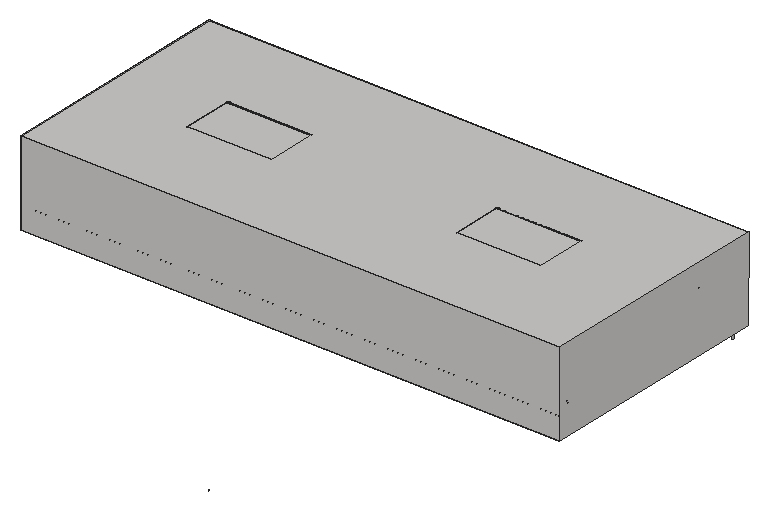
Revit family "QF_ELECTROLUXPROFESSIONAL_640275_VAP1232", category Specialty Equipment, Revit 2014
Reference planes
  plane 1: z = 0
  plane 2 "Center (Left/Right)": x = 150
  plane 3 "LEFT": x = -1450
  plane 4 "RIGHT": x = 1750
  plane 5 "BACK": y = 550
  plane 6 "TOP": z = 2500
  plane 7 "Base": z = 2000
  plane 8: z = 1970
  plane 9 "DrainY": y = 450
  plane 10: x = -1447
  plane 11 "DrainX": x = 1737
  plane 12 "AOLeft2": x = -400
  plane 13 "AORight1": x = 700
  plane 14: x = 1747
  plane 15: x = -1250
  plane 16: x = 1550
  plane 17: x = 50
  plane 18: x = 250
  plane 19 "AOLeft1": x = -900
  plane 20 "AORight2": x = 1200
  plane 21: through (0, 550, 2133.855) normal (0, 0.5299, 0.848)
  plane 22: y = 0
  plane 23: y = -300
  plane 24: y = -150
  plane 25: y = -850
  plane 26: through (0, -850, 2133.855) normal (0, 0.5299, -0.848)
Forms (mm)
  Extrusion 1, solid, material "QF_Finishes_Stainless Steel"
    sketch origin (-1450, 0, 360) x (0, 1, 0) y (0, 0, 1)
      loop
        line (550, 1640) -> (550, 2140) -> (-850, 2140) -> (-850, 1640) -> (550, 1640)
    from 0 to 3
  Extrusion 2, solid, material "QF_Finishes_Stainless Steel"
    sketch origin (1750, 0, 360) x (0, 1, 0) y (0, 0, 1)
      loop
        line (550, 1640) -> (550, 2140) -> (-850, 2140) -> (-850, 1640) -> (550, 1640)
    from 0 to -3
  Extrusion 3, solid, material "QF_Finishes_Stainless Steel"
    sketch origin (150, 0, 360) x (0, 1, 0) y (0, 0, 1)
      loop
        line (-850, 2140) -> (-850, 1640) -> (-840, 1640) -> (-840, 1640.8) -> (-849.2, 1640.8) -> (-849.2, 2139.19) -> (549.2, 2139.19) -> (549.2, 1640.8) -> (540, 1640.8) -> (540, 1640) -> (550, 1640) -> (550, 2140) -> (-850, 2140)
    from -1600 to 1600
  Extrusion 4, solid, material "QF_Finishes_Stainless Steel"
    sketch origin (0, 0, 2000) x (0, 1, 0) y (-1, 0, 0)
      loop
        circle (450, -1737) r 4.763
    from -30 to 0
  Extrusion 5, void
    sketch origin (0, 400, 2500) x (0, 1, 0) y (-1, 0, 0)
      loop
        line (-400, 400) -> (-400, 900) -> (-700, 900) -> (-700, 400) -> (-400, 400)
    from 0 to -10
  Extrusion 6, solid, material "QF_Finishes_Stainless Steel"
    sketch origin (0, 0, 0) x (1, 0, 0) y (0, 1, 0)
      loop
        line (-1450, 550) -> (-1450, 549) -> (-1449, 549) -> (-1449, 550) -> (-1450, 550)
    from 0 to 1
  Extrusion 7, solid, material "QF_Finishes_Stainless Steel"
    sketch origin (150, 0, 360) x (0, 1, 0) y (0, 0, 1)
      loop
        line (503.5, 1837.574) -> (207.375, 2022.621) -> (192.198, 1998.364) -> (488.366, 1813.348) -> (503.5, 1837.574)
      loop
        line (-803.5, 1837.574) -> (-788.366, 1813.348) -> (-492.198, 1998.364) -> (-507.375, 2022.621) -> (-803.5, 1837.574)
    from -1400 to -1597
  Extrusion 8, solid, material "QF_Finishes_Stainless Steel"
    sketch origin (150, 0, 360) x (0, 1, 0) y (0, 0, 1)
      loop
        line (549.2, 1775.312) -> (472.742, 1823.075) -> (472.313, 1822.387) -> (549.2, 1774.355) -> (549.2, 1775.312)
      loop
        line (202.48, 1991.938) -> (126.212, 2039.602) -> (-426.212, 2039.602) -> (-502.48, 1991.938) -> (-502.063, 1991.27) -> (-426, 2038.801) -> (126, 2038.801) -> (202.063, 1991.27) -> (202.48, 1991.938)
      loop
        line (-849.2, 1775.312) -> (-849.2, 1774.355) -> (-772.313, 1822.387) -> (-772.742, 1823.075) -> (-849.2, 1775.312)
    from -1597 to 1597
  Extrusion 9, solid, material "QF_Finishes_Stainless Steel"
    sketch origin (150, 0, 360) x (0, 1, 0) y (0, 0, 1)
      loop
        line (-507.375, 2022.621) -> (-803.5, 1837.574) -> (-788.366, 1813.348) -> (-492.198, 1998.364) -> (-507.375, 2022.621)
      loop
        line (503.5, 1837.574) -> (207.375, 2022.621) -> (192.198, 1998.364) -> (488.366, 1813.348) -> (503.5, 1837.574)
    from 1597 to 1400
  Extrusion 10, solid, material "QF_Finishes_Stainless Steel"
    sketch origin (150, 0, 360) x (0, 1, 0) y (0, 0, 1)
      loop
        line (-507.375, 2022.621) -> (-803.5, 1837.574) -> (-788.366, 1813.348) -> (-492.198, 1998.364) -> (-507.375, 2022.621)
      loop
        line (503.5, 1837.574) -> (207.375, 2022.621) -> (192.198, 1998.364) -> (488.366, 1813.348) -> (503.5, 1837.574)
    from -100 to 100
  Extrusion 11, solid, material "QF_Finished_Chrome"
    sketch origin (150, 0, 360) x (0, 1, 0) y (0, 0, 1)
      loop
        line (503.5, 1837.574) -> (207.375, 2022.621) -> (192.198, 1998.364) -> (488.366, 1813.348) -> (503.5, 1837.574)
      loop
        line (-507.375, 2022.621) -> (-803.5, 1837.574) -> (-788.366, 1813.348) -> (-492.198, 1998.364) -> (-507.375, 2022.621)
    from -1400 to -100
  Extrusion 12, solid, material "QF_Finished_Chrome"
    sketch origin (150, 0, 360) x (0, 1, 0) y (0, 0, 1)
      loop
        line (-507.375, 2022.621) -> (-803.5, 1837.574) -> (-788.366, 1813.348) -> (-492.198, 1998.364) -> (-507.375, 2022.621)
      loop
        line (503.5, 1837.574) -> (207.375, 2022.621) -> (192.198, 1998.364) -> (488.366, 1813.348) -> (503.5, 1837.574)
    from 100 to 1400
  Sweep 13, solid, material "QF_Finishes_Stainless Steel"
    path origin (0, 0, 0) x (1, 0, 0) y (0, 1, 0)
      loop
        line (1750, 550) -> (-1450, 550) -> (-1450, -850) -> (1750, -850) -> (1750, 550)
    profile origin (1750, -150, 0) x (1, 0, 0) y (0, 0, 1)
      loop
        line (-3, 2000) -> (-3, 2000.8) -> (-19, 2000.8) -> (-19, 2010) -> (-20, 2010) -> (-20, 2000) -> (-3, 2000)
  Extrusion 14, void
    sketch origin (0, 400, 2500) x (0, 1, 0) y (-1, 0, 0)
      loop
        line (-400, -1200) -> (-400, -700) -> (-700, -700) -> (-700, -1200) -> (-400, -1200)
    from 0 to -10
Cuts and joins
  Extrusion 5, Extrusion 14 cuts Extrusion 3
  joined: Extrusion 2, Extrusion 3, Sweep 13
Lines and regions (mm)
  symbolic lines, style "SpecialityEquipment", detail levels coarse
    curve 1: line (1750, 550, 2500) -> (-1450, 550, 2500)
    curve 2: line (-1450, 550, 2500) -> (-1450, -850, 2500)
    curve 3: line (1750, -850, 2500) -> (1750, 550, 2500)
    curve 4: line (-1450, 550, 0) -> (1750, -850, 0)
    curve 5: line (1750, 550, 0) -> (-1450, -850, 0)
  symbolic lines, detail levels coarse
    curve 6: line (-1450, -850, 0) -> (1750, -850, 0)
    curve 7: line (-400, 0, 0) -> (-900, 0, 0)
    curve 8: line (-400, -300, 0) -> (-400, 0, 0)
    curve 9: line (-900, -300, 0) -> (-400, -300, 0)
    curve 10: line (-900, 0, 0) -> (-900, -300, 0)
    curve 11: line (1200, 0, 0) -> (700, 0, 0)
    curve 12: line (1200, -300, 0) -> (1200, 0, 0)
    curve 13: line (700, -300, 0) -> (1200, -300, 0)
    curve 14: line (700, 0, 0) -> (700, -300, 0)
Dimensions and locks
  plane 3 "LEFT" to plane 4 "RIGHT" = 3200 mm
  equal spacing: plane 3 "LEFT", plane 2 "Center (Left/Right)", plane 4 "RIGHT"
  plane 7 "Base" to plane 8 = 30 mm
  plane 5 "BACK" to plane 9 "DrainY" = 100 mm  (x2)
  plane 3 "LEFT" to plane 10 = 3 mm
  plane 11 "DrainX" to plane 4 "RIGHT" = 13 mm
  plane 14 to plane 4 "RIGHT" = 3 mm
  plane 3 "LEFT" to plane 15 = 200 mm
  plane 16 to plane 4 "RIGHT" = 200 mm
  locked: plane 12 "AOLeft2" to plane 13 "AORight1" at 1100
  equal spacing: plane 12 "AOLeft2", plane 2 "Center (Left/Right)", plane 13 "AORight1"
  locked: plane 7 "Base" to level at 2000
  locked: plane 6 "TOP" to plane 7 "Base" at 500
  locked: plane 17 to plane 18 at 200
  equal spacing: plane 17, plane 2 "Center (Left/Right)", plane 18
  plane 19 "AOLeft1" to plane 12 "AOLeft2" = 500 mm
  plane 13 "AORight1" to plane 20 "AORight2" = 500 mm
  plane 5 "BACK" to plane 25 = 1400 mm  (x2)
  equal spacing: plane 5 "BACK", plane 24, plane 25
  locked: plane 22 to plane 23 at 300
  equal spacing: plane 22, plane 24, plane 23
  aligned and locked: level to plane 1
  aligned and locked: plane 4 "RIGHT" to Extrusion 3
  aligned and locked: Extrusion 3 to plane 3 "LEFT"
  aligned and locked: Extrusion 7 to plane 10
  aligned and locked: Extrusion 7 to plane 15
  aligned and locked: Extrusion 2 to plane 14
  aligned and locked: plane 14 to Extrusion 9
  aligned and locked: plane 16 to Extrusion 9
  aligned and locked: plane 18 to Extrusion 10
  aligned and locked: Extrusion 10 to plane 17
  aligned and locked: plane 17 to Extrusion 11
  aligned and locked: Extrusion 11 to plane 15
  aligned and locked: Extrusion 12 to plane 18
  aligned and locked: Extrusion 12 to plane 16
  aligned and locked: Extrusion 8 to plane 10
  aligned and locked: plane 14 to Extrusion 8
  aligned and locked: Extrusion 5 to plane 19 "AOLeft1"
  aligned and locked: Extrusion 5 to plane 12 "AOLeft2"
  aligned and locked: plane 13 "AORight1" to Extrusion 14
  aligned and locked: plane 20 "AORight2" to Extrusion 14
  aligned and locked: plane 22 to curve 7
  aligned and locked: curve 9 to plane 23
  aligned and locked: plane 22 to curve 11
  aligned and locked: curve 13 to plane 23
  aligned and locked: plane 22 to Extrusion 5 sketch curve
  aligned and locked: Extrusion 5 sketch curve to plane 23
  aligned and locked: plane 22 to Extrusion 14 sketch curve
Automatic sketch dimensions
  Extrusion 1 sketch curve to plane 7 "Base" = 0 mm
  Extrusion 1 sketch curve to plane 5 "BACK" = 0 mm
  Extrusion 1 sketch curve to plane 6 "TOP" = 0 mm
  Extrusion 2 sketch curve to plane 7 "Base" = 0 mm
  Extrusion 2 sketch curve to plane 5 "BACK" = 0 mm
  Extrusion 2 sketch curve to plane 6 "TOP" = 0 mm
  Extrusion 3 sketch curve to plane 6 "TOP" = 0 mm
  Extrusion 3 sketch curve to plane 7 "Base" = 0 mm  (x2)
  Extrusion 3 sketch curve to plane 5 "BACK" = 0 mm
  Extrusion 3 sketch curve to Extrusion 3 sketch curve = 9.2 mm
  plane 7 "Base" to Extrusion 3 sketch curve = 0.8 mm  (x2)
  Extrusion 3 sketch curve to plane 5 "BACK" = 10 mm
  Extrusion 3 sketch curve to plane 5 "BACK" = 0.8 mm
  Extrusion 3 sketch curve to plane 6 "TOP" = 0.81 mm
  Extrusion 4 sketch curve to plane 9 "DrainY" = 0 mm
  Extrusion 4 sketch curve to plane 11 "DrainX" = 0 mm
  Extrusion 5 sketch curve to plane 12 "AOLeft2" = 0 mm
  Extrusion 5 sketch curve to plane 19 "AOLeft1" = 0 mm
  Extrusion 6 sketch curve to plane 3 "LEFT" = 0 mm
  Extrusion 6 sketch curve to plane 5 "BACK" = 0 mm
  plane 3 "LEFT" to Extrusion 6 sketch curve = 1 mm
  Extrusion 6 sketch curve to Extrusion 6 sketch curve = 1 mm
  Sweep 13 sketch curve to plane 3 "LEFT" = 0 mm
  Sweep 13 sketch curve to plane 4 "RIGHT" = 0 mm
  Sweep 13 sketch curve to plane 5 "BACK" = 0 mm
  profile plane to Sweep 13 sketch curve = 20 mm
  Sweep 13 sketch curve to Sweep 13 sketch curve = 1 mm
  profile plane to Sweep 13 sketch curve = 3 mm
  level to Sweep 13 sketch curve = 2000 mm
  Sweep 13 sketch curve to Sweep 13 sketch curve = 0.8 mm
  Sweep 13 sketch curve to Sweep 13 sketch curve = 9.2 mm
  Extrusion 14 sketch curve to plane 12 "AOLeft2" = 1600 mm
  plane 19 "AOLeft1" to Extrusion 14 sketch curve = 1600 mm
  Extrusion 11 sketch curve to plane 5 "BACK" = 46.5 mm
  plane 7 "Base" to Extrusion 11 sketch curve = 197.574 mm
  Extrusion 11 sketch curve to Extrusion 11 sketch curve = 15.134 mm  (x2)
  Extrusion 11 sketch curve to plane 6 "TOP" = 117.379 mm
  Extrusion 11 sketch curve to Extrusion 11 sketch curve = 24.226 mm  (x2)
  Extrusion 11 sketch curve to Extrusion 11 sketch curve = 15.177 mm  (x2)
  Extrusion 11 sketch curve to Extrusion 11 sketch curve = 24.257 mm  (x2)
  Extrusion 11 sketch curve to plane 6 "TOP" = 141.636 mm
  Extrusion 10 sketch curve to plane 6 "TOP" = 117.379 mm  (x2)
  Extrusion 10 sketch curve to Extrusion 10 sketch curve = 24.257 mm  (x2)
  Extrusion 10 sketch curve to Extrusion 10 sketch curve = 24.226 mm  (x2)
  Extrusion 10 sketch curve to Extrusion 10 sketch curve = 15.177 mm  (x2)
  plane 9 "DrainY" to Extrusion 10 sketch curve = 38.366 mm
  Extrusion 10 sketch curve to Extrusion 10 sketch curve = 15.134 mm  (x2)
  plane 7 "Base" to Extrusion 10 sketch curve = 173.348 mm  (x2)
  Extrusion 12 sketch curve to plane 6 "TOP" = 117.379 mm
  Extrusion 12 sketch curve to Extrusion 12 sketch curve = 15.177 mm  (x2)
  Extrusion 12 sketch curve to Extrusion 12 sketch curve = 24.257 mm  (x2)
  Extrusion 12 sketch curve to plane 6 "TOP" = 141.636 mm
  plane 7 "Base" to Extrusion 12 sketch curve = 197.574 mm  (x2)
  Extrusion 12 sketch curve to plane 9 "DrainY" = 257.802 mm
  plane 9 "DrainY" to Extrusion 12 sketch curve = 38.366 mm
  Extrusion 12 sketch curve to Extrusion 12 sketch curve = 15.134 mm  (x2)
  Extrusion 9 sketch curve to plane 6 "TOP" = 117.379 mm  (x2)
  Extrusion 9 sketch curve to Extrusion 9 sketch curve = 24.257 mm  (x2)
  Extrusion 9 sketch curve to Extrusion 9 sketch curve = 24.226 mm  (x2)
  Extrusion 9 sketch curve to plane 5 "BACK" = 46.5 mm
  plane 7 "Base" to Extrusion 9 sketch curve = 197.574 mm
  Extrusion 9 sketch curve to Extrusion 9 sketch curve = 15.134 mm  (x2)
  Extrusion 9 sketch curve to Extrusion 9 sketch curve = 15.177 mm  (x2)
  Extrusion 14 sketch curve to Extrusion 14 sketch curve = 300 mm
  Extrusion 1 sketch curve to plane 23 = 550 mm
  Extrusion 2 sketch curve to plane 23 = 550 mm
  Extrusion 3 sketch curve to plane 23 = 540 mm
  Extrusion 3 sketch curve to Extrusion 3 sketch curve = 0.8 mm
  Extrusion 9 sketch curve to plane 23 = 192.198 mm
  plane 7 "Base" to Extrusion 9 sketch curve = 173.348 mm
  Extrusion 10 sketch curve to plane 23 = 192.198 mm
  Extrusion 11 sketch curve to plane 23 = 192.198 mm
  plane 7 "Base" to Extrusion 11 sketch curve = 173.348 mm
  Extrusion 12 sketch curve to plane 23 = 192.198 mm
  plane 7 "Base" to Extrusion 12 sketch curve = 173.348 mm
  Sweep 13 sketch curve to plane 23 = 550 mm
  curve 5 to plane 3 "LEFT" = 0 mm
  curve 4 to plane 3 "LEFT" = 0 mm
  curve 10 to plane 19 "AOLeft1" = 0 mm
  curve 8 to plane 12 "AOLeft2" = 0 mm
  curve 14 to plane 13 "AORight1" = 0 mm
  curve 12 to plane 20 "AORight2" = 0 mm
  curve 5 to plane 4 "RIGHT" = 0 mm
  curve 6 to plane 4 "RIGHT" = 0 mm
  curve 4 to plane 5 "BACK" = 0 mm
  curve 5 to plane 5 "BACK" = 0 mm
  curve 6 to plane 25 = 0 mm
  plane 25 to Extrusion 8 sketch curve = 0.8 mm
  plane 25 to Extrusion 8 sketch curve = 77.258 mm
  Extrusion 8 sketch curve to Extrusion 8 sketch curve = 0.43 mm  (x2)
  Extrusion 8 sketch curve to plane 6 "TOP" = 100.398 mm
  Extrusion 8 sketch curve to plane 23 = 126.212 mm
  Extrusion 8 sketch curve to Extrusion 8 sketch curve = 0.418 mm  (x2)
  plane 22 to Extrusion 8 sketch curve = 126 mm
  Extrusion 8 sketch curve to Extrusion 8 sketch curve = 0.212 mm  (x2)
  Extrusion 8 sketch curve to Extrusion 8 sketch curve = 76.063 mm
  Extrusion 8 sketch curve to plane 6 "TOP" = 148.062 mm
  plane 9 "DrainY" to Extrusion 8 sketch curve = 22.313 mm
  Extrusion 8 sketch curve to plane 5 "BACK" = 0.8 mm
  plane 7 "Base" to Extrusion 8 sketch curve = 183.075 mm  (x2)
  Extrusion 8 sketch curve to Extrusion 8 sketch curve = 0.688 mm  (x2)
  Extrusion 8 sketch curve to Extrusion 8 sketch curve = 0.669 mm
  Extrusion 8 sketch curve to Extrusion 8 sketch curve = 0.801 mm
  Extrusion 8 sketch curve to Extrusion 8 sketch curve = 47.531 mm
  plane 25 to Extrusion 7 sketch curve = 46.5 mm
  Extrusion 7 sketch curve to Extrusion 7 sketch curve = 15.134 mm  (x2)
  Extrusion 7 sketch curve to plane 23 = 207.375 mm
  Extrusion 7 sketch curve to Extrusion 7 sketch curve = 15.177 mm  (x2)
  plane 22 to Extrusion 7 sketch curve = 192.198 mm
  plane 9 "DrainY" to Extrusion 7 sketch curve = 38.366 mm
  plane 7 "Base" to Extrusion 7 sketch curve = 173.348 mm  (x2)
  Extrusion 7 sketch curve to Extrusion 7 sketch curve = 24.226 mm  (x2)
  Extrusion 7 sketch curve to Extrusion 7 sketch curve = 24.257 mm  (x2)
  curve 2 to plane 3 "LEFT" = 0 mm
  curve 2 to plane 25 = 0 mm
  curve 3 to plane 4 "RIGHT" = 0 mm
  curve 3 to plane 25 = 0 mm
  curve 2 to plane 5 "BACK" = 0 mm
  radius of Extrusion 4 sketch curve = 4.763 mm
Connectors
  piping at (1737, 450, 1970), diameter 9.5
    settings: on Extrusion 4, index 1, connector inside diameter 609.6 mm, connector length 0 mm, flow factor 0, pipe flow 0.0 L/s, pressure drop 0.0 Pa, fitting loss kfactor 0, connector angle 0.00°, fixture units 0, engagement length 0 mm, angle of deflection 0.00°, flow configuration 1, flow direction 2, fitting loss method 0, system type 16, joint type 0, gender type 0, connector reference index -1, connector utility 0, adjustable connector no, is connector primary yes, connector description "Drain"
  hvac at (-650, -150, 2500)
    settings: on Extrusion 5, index 2, duct flow 0.0 L/s, flow factor 0, pres drop 0.0 Pa, loss coef 0, conn angle 0.00°, conn width 300 mm, conn height 500 mm, conn diameter 609.6 mm, duct sys type 3, conn prof type 1, flow config 1, flow direction 2, loss method 0, conn ref index -1, conn util no, is conn primary yes, conn desc "EXHAUST OUTLET"
  hvac at (950, -150, 2500)
    settings: on Extrusion 14, index 3, duct flow 0.0 L/s, flow factor 0, pres drop 0.0 Pa, loss coef 0, conn angle 0.00°, conn width 300 mm, conn height 500 mm, conn diameter 609.6 mm, duct sys type 3, conn prof type 1, flow config 1, flow direction 2, loss method 0, conn ref index -1, conn util no, is conn primary no, conn desc "EXHAUST OUTLET"
